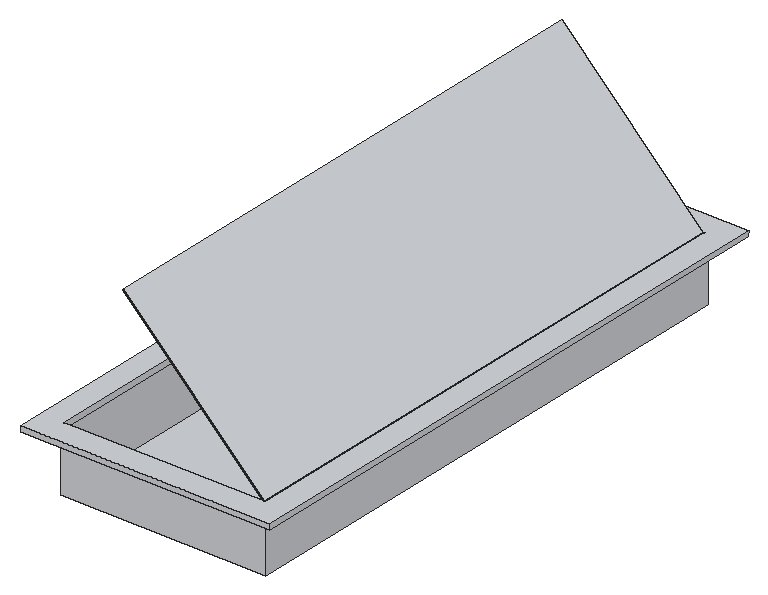
Revit family "Hager-Volta-IP30-Hollow_wall-leer-AT-de", category Electrical Equipment, host Face, Revit 2020
Family settings
  Host = Face
  Panel Configuration = Two Columns, Circuits Across
  Round Connector Dimension = Use Diameter
  Part Type = Panelboard
  Cut with Voids When Loaded = No
  Shared = No
  Room Calculation Point = No
Parameters (values of type "Unterputz IP30 B348 H880.5 T98 12 Teilungseinheiten - VH60WWH")
  Width Control [instance] = if([HG000006 - Unterputz], if([EF000846 - Einbaubreite] > min_whd, [EF000846 - Einbaubreite], min_whd), if([EF000008 - Breite] > min_whd, ([EF000008 - Breite]), min_whd))  # 314 mm
  Void Depth [instance] = if([HG000006 - Unterputz], Depth Control, 1 mm)  # 89 mm
  Type Comments = [HG000003 - Bereich]  # "Volta"
  System Height [instance] = Height Control - 2 * [HG000005 - Dicke]  # 839 mm
  Model = [HG000004 - Herstellerreferenz]  # "VH60WWH"
  HG000017 - Distanz zwischen den Polen = 18 mm
  HG000016 - 3D-Türsichtbarkeit [instance] = yes
  HG000015 - Sichtbarkeit der Türöffnung [instance] = no
  HG000014 - Tür rechts [instance] = yes
  HG000013 - Tür links [instance] = not([HG000014 - Tür rechts])  # no
  HG000012 - Türschwenkwinkel [instance] = 45.00°
  HG000011 - Leere Reihen von unten = no
  HG000010 - Asymmetrische Türen = no
  HG000009 - Doppelflügeligen Tür = no
  HG000008 - Anzahl der leeren Reihen = 0
  HG000007 - Anzahl der leeren Spalten = 0
  HG000006 - Unterputz = yes
  HG000005 - Dicke = 3 mm  # constant formula
  HG000004 - Herstellerreferenz = "VH60WWH"
  HG000003 - Bereich = "Volta"
  HG000002 - Mit tür = yes
  HG000001 - Anzahl der Spalten = 0
  EF015941 - Signaldurchlassende Tür = yes
  EF015777 - Neutralleiterklemmenblock = no
  EF015776 - Erdungsklemmenblock = no
  EF009212 - Ausführung Deckel = "EV009916 - mit Ausschnitt"
  EF006306 - Mit Schloss = no
  EF006244 - Transparenter Deckel/Tür = no
  EF005474 - Schutzart (IP) = "EV006410 - IP30"
  EF004462 - Art der Schließung = "EV000154 - sonstige"
  EF002950 - Breite in Teilungseinheiten = 12
  EF001596 - Werkstoff des Gehäuses = "EV000154 - sonstige"
  EF001134 - DIN-Schiene = yes
  EF001131 - Innentiefe = 92 mm
  EF001088 - Anbaumöglichkeit = yes
  EF001062 - EMV-Ausführung = no
  EF000846 - Einbaubreite = 314 mm
  EF000339 - Art der Abdeckung = "EV004216 - Tür"
  EF000332 - Einbauhöhe = 845 mm
  EF000266 - Anzahl der Reihen = 0
  EF000218 - Einbautiefe = 89 mm
  EF000118 - Mit Montageplatte = yes
  EF000116 - RAL-Nummer = "9010"
  EF000049 - Tiefe = 98 mm
  EF000040 - Höhe = 880 mm
  EF000008 - Breite = 348 mm
  EF000007 - Farbe = "EV000202 - weiß"
  EF000003 - Montageart = "EV000128 - Hohlwand"
  Arrow Offset [instance] = Depth Control / 8  # 11.125 mm
  Arrow Height [instance] = Depth Control - Arrow Offset  # 77.875 mm
  Host Offset [instance] = if([HG000006 - Unterputz], 0 mm, [EF000049 - Tiefe])  # 0 mm
  min_whd [instance] = (2 * [HG000005 - Dicke]) + 1 mm  # 7 mm
  Manufacturer = "Hager"  # constant formula
  Height Control [instance] = if([HG000006 - Unterputz], if([EF000332 - Einbauhöhe] > min_whd, [EF000332 - Einbauhöhe], min_whd), if([EF000040 - Höhe] > min_whd, ([EF000040 - Höhe]), min_whd))  # 845 mm
  Flush Mounted - Door Frame Width [instance] = if(([EF000040 - Höhe] - [EF000332 - Einbauhöhe]) > 0 mm, if([HG000006 - Unterputz], [EF000040 - Höhe] - [EF000332 - Einbauhöhe], 0 mm), 0 mm)  # 35 mm
  Depth Control [instance] = if([HG000006 - Unterputz], if([EF000218 - Einbautiefe] > 0 mm, [EF000218 - Einbautiefe], 1 mm), if([EF000049 - Tiefe] > 0 mm, ([EF000049 - Tiefe]), 1 mm))  # 89 mm
  Default Elevation = 0 mm
Types (15, lengths in mm): name | Void Depth | System Height | Model | HG000004 - Herstellerreferenz | HG000002 - Mit tür | EF015941 - Signaldurchlassende Tür | EF009212 - Ausführung Deckel | EF005474 - Schutzart (IP) | EF004462 - Art der Schließung | EF001596 - Werkstoff des Gehäuses | EF001134 - DIN-Schiene | EF001062 - EMV-Ausführung | EF000339 - Art der Abdeckung | EF000332 - Einbauhöhe | EF000266 - Anzahl der Reihen | EF000218 - Einbautiefe | EF000118 - Mit Montageplatte | EF000049 - Tiefe | EF000040 - Höhe | EF000008 - Breite | Arrow Offset | Arrow Height | Height Control | Flush Mounted - Door Frame Width | Depth Control
  Unterputz  B330 H355 T94.5 12 Teilungseinheiten - VH12NK | 90 | 340 | "VH12NK" | "VH12NK" | no | no | "EV000116 - geschlossen" | "" | "" | "EV000139 - Kunststoff" | no | yes | "" | 346 | 1 | 90 | no | 94 | 355 | 330 | 11.25 | 78.75 | 346 | 9 | 90
  Unterputz  B330 H484 T94.5 12 Teilungseinheiten - VH24NK | 90 | 465 | "VH24NK" | "VH24NK" | no | no | "EV000116 - geschlossen" | "" | "" | "EV000139 - Kunststoff" | no | yes | "" | 471 | 2 | 90 | no | 94 | 484 | 330 | 11.25 | 78.75 | 471 | 13 | 90
  Unterputz  B330 H609 T94.5 12 Teilungseinheiten - VH36NK | 90 | 590 | "VH36NK" | "VH36NK" | no | no | "EV000116 - geschlossen" | "" | "" | "EV000139 - Kunststoff" | no | yes | "" | 596 | 3 | 90 | no | 94 | 609 | 330 | 11.25 | 78.75 | 596 | 13 | 90
  Unterputz  B330 H734 T94.5 12 Teilungseinheiten - VH48NK | 90 | 715 | "VH48NK" | "VH48NK" | no | no | "EV000116 - geschlossen" | "" | "" | "EV000139 - Kunststoff" | no | yes | "" | 721 | 4 | 90 | no | 94 | 734 | 330 | 11.25 | 78.75 | 721 | 13 | 90
  Unterputz  B330 H880 T94.5 12 Teilungseinheiten - VH60NK | 90 | 840 | "VH60NK" | "VH60NK" | no | no | "EV000116 - geschlossen" | "" | "" | "EV000139 - Kunststoff" | no | yes | "" | 846 | 5 | 90 | no | 94 | 880 | 330 | 11.25 | 78.75 | 846 | 34 | 90
  Unterputz IP30 B348 H505.5 T98 12 Teilungseinheiten - VH24NWB | 89 | 464 | "VH24NWB" | "VH24NWB" | yes | no | "EV009916 - mit Ausschnitt" | "EV006410 - IP30" | "EV000154 - sonstige" | "EV000154 - sonstige" | yes | no | "EV004216 - Tür" | 470 | 0 | 89 | yes | 98 | 506 | 348 | 11.125 | 77.875 | 470 | 36 | 89
  Unterputz IP30 B348 H630.5 T98 12 Teilungseinheiten - VH36NW | 89 | 589 | "VH36NW" | "VH36NW" | yes | no | "EV009916 - mit Ausschnitt" | "EV006410 - IP30" | "EV000154 - sonstige" | "EV000154 - sonstige" | yes | no | "EV004216 - Tür" | 595 | 0 | 89 | yes | 98 | 630 | 348 | 11.125 | 77.875 | 595 | 35 | 89
  Unterputz IP30 B348 H630.5 T98 12 Teilungseinheiten - VH36NWB | 89 | 589 | "VH36NWB" | "VH36NWB" | yes | no | "EV009916 - mit Ausschnitt" | "EV006410 - IP30" | "EV000154 - sonstige" | "EV000154 - sonstige" | yes | no | "EV004216 - Tür" | 595 | 0 | 89 | yes | 98 | 630 | 348 | 11.125 | 77.875 | 595 | 35 | 89
  Unterputz IP30 B348 H630.5 T98 12 Teilungseinheiten - VH36WWH | 89 | 589 | "VH36WWH" | "VH36WWH" | yes | yes | "EV009916 - mit Ausschnitt" | "EV006410 - IP30" | "EV000154 - sonstige" | "EV000154 - sonstige" | yes | no | "EV004216 - Tür" | 595 | 0 | 89 | yes | 98 | 630 | 348 | 11.125 | 77.875 | 595 | 35 | 89
  Unterputz IP30 B348 H755.5 T98 12 Teilungseinheiten - VH48NW | 89 | 714 | "VH48NW" | "VH48NW" | yes | no | "EV009916 - mit Ausschnitt" | "EV006410 - IP30" | "EV000154 - sonstige" | "EV000154 - sonstige" | yes | no | "EV004216 - Tür" | 720 | 0 | 89 | yes | 98 | 756 | 348 | 11.125 | 77.875 | 720 | 36 | 89
  Unterputz IP30 B348 H755.5 T98 12 Teilungseinheiten - VH48NWB | 89 | 714 | "VH48NWB" | "VH48NWB" | yes | no | "EV009916 - mit Ausschnitt" | "EV006410 - IP30" | "EV000154 - sonstige" | "EV000154 - sonstige" | yes | no | "EV004216 - Tür" | 720 | 0 | 89 | yes | 98 | 756 | 348 | 11.125 | 77.875 | 720 | 36 | 89
  Unterputz IP30 B348 H755.5 T98 12 Teilungseinheiten - VH48WWH | 89 | 714 | "VH48WWH" | "VH48WWH" | yes | yes | "EV009916 - mit Ausschnitt" | "EV006410 - IP30" | "EV000154 - sonstige" | "EV000154 - sonstige" | yes | no | "EV004216 - Tür" | 720 | 0 | 89 | yes | 98 | 756 | 348 | 11.125 | 77.875 | 720 | 36 | 89
  Unterputz IP30 B348 H880.5 T98 12 Teilungseinheiten - VH60NW | 89 | 839 | "VH60NW" | "VH60NW" | yes | no | "EV009916 - mit Ausschnitt" | "EV006410 - IP30" | "EV000154 - sonstige" | "EV000154 - sonstige" | yes | no | "EV004216 - Tür" | 845 | 0 | 89 | yes | 98 | 880 | 348 | 11.125 | 77.875 | 845 | 35 | 89
  Unterputz IP30 B348 H880.5 T98 12 Teilungseinheiten - VH60NWB | 89 | 839 | "VH60NWB" | "VH60NWB" | yes | no | "EV009916 - mit Ausschnitt" | "EV006410 - IP30" | "EV000154 - sonstige" | "EV000154 - sonstige" | yes | no | "EV004216 - Tür" | 845 | 0 | 89 | yes | 98 | 880 | 348 | 11.125 | 77.875 | 845 | 35 | 89
  Unterputz IP30 B348 H880.5 T98 12 Teilungseinheiten - VH60WWH | 89 | 839 | "VH60WWH" | "VH60WWH" | yes | yes | "EV009916 - mit Ausschnitt" | "EV006410 - IP30" | "EV000154 - sonstige" | "EV000154 - sonstige" | yes | no | "EV004216 - Tür" | 845 | 0 | 89 | yes | 98 | 880 | 348 | 11.125 | 77.875 | 845 | 35 | 89
Reference planes
  plane 1 "Center (Front/Back)": y = 0
  plane 2: z = 0
  plane 3 "Center (Left/Right)": x = 0
  plane 4: z = 0
  plane 5: y = 38
  plane 6: z = -5
  plane 7: y = 457.5
  plane 8: y = 35
  plane 9: y = 880
  plane 10: z = -89
  plane 11: x = -157
  plane 12: x = 157
  plane 13: x = 154
  plane 14: x = -154
  plane 15: y = 877
  plane 16: z = -86
  plane 17: z = -3
  plane 18: z = -89
  plane 19: z = -3
Forms (mm)
  Extrusion 1, solid
    sketch origin (-583.045, 35, 1219.2) x (-1, 0, 0) y (0, 0, 1)
      loop
        line (-426.045, -1219.2) -> (-740.045, -1219.2) -> (-740.045, -1308.2) -> (-426.045, -1308.2) -> (-426.045, -1219.2)
    from 0 to 845 <- "Height Control"
  Extrusion 2, void
    sketch origin (-381.607, -4572, 0) x (0, -1, 0) y (-1, 0, 0)
      loop
        line (-5449, -227.607) -> (-5449, -535.607) -> (-4610, -535.607) -> (-4610, -227.607) -> (-5449, -227.607)
    from 0 to 86
  Extrusion 3, void
    sketch origin (0, 0, 0) x (1, 0, 0) y (0, 1, 0)
      loop
        line (-157, 35) -> (157, 35) -> (157, 880) -> (-157, 880) -> (-157, 35)
    from -89 to 1
  Extrusion 4, solid, detail levels coarse+medium
    sketch origin (-381.607, -4572, 0) x (-1, 0, 0) y (0, -1, 0)
      loop
        line (-227.607, -5449) -> (-227.607, -4610) -> (-535.607, -4610) -> (-535.607, -5449) -> (-227.607, -5449)
    from 0 to -3
Cuts and joins
  Extrusion 2 cuts Extrusion 1
Dimensions and locks
  plane 4 to plane 6 = 5 mm
  "Host Offset": plane 4 to host face
  "Flush Mounted - Door Frame Width": plane 1 "Center (Front/Back)" to plane 8
  "HG000005 - Dicke": plane 5 to plane 8
  locked: connector elem to plane 3 "Center (Left/Right)"
  "Height Control": plane 9 to plane 8
  equal spacing: plane 9, plane 7, plane 8
  locked: connector elem to plane 7
  "Depth Control": plane 4 to plane 10
  "HG000005 - Dicke": plane 11 to plane 14
  "HG000005 - Dicke": plane 12 to plane 13
  equal spacing: plane 11, plane 3 "Center (Left/Right)", plane 12
  "Width Control": plane 11 to plane 12
  "Arrow Offset": nested 4 to plane 10
  "HG000005 - Dicke": plane 9 to plane 15
  "HG000005 - Dicke": plane 16 to plane 10
  "HG000005 - Dicke": plane 4 to plane 17
  "Void Depth": plane 2 to plane 18
  "HG000005 - Dicke": plane 4 to plane 19
  aligned and locked: plane 2 to host face
  aligned and locked: level to host face
  aligned and locked: plane 3 "Center (Left/Right)" to nested 2
  aligned and locked: plane 4 to nested 2
  aligned and locked: nested 2 to plane 8
  aligned and locked: nested 1 to plane 6
  aligned and locked: plane 5 to nested 1
  aligned and locked: nested 4 to plane 11
  aligned and locked: nested 3 to plane 4
  aligned and locked: Extrusion 1 sketch curve to plane 12
  aligned and locked: Extrusion 1 sketch curve to plane 11
  aligned and locked: nested 3 to plane 10
  aligned and locked: plane 10 to Extrusion 1 sketch curve
  aligned and locked: plane 5 to Extrusion 2 sketch curve
  aligned and locked: Extrusion 2 sketch curve to plane 15
  aligned and locked: Extrusion 2 sketch curve to plane 14
  aligned and locked: Extrusion 2 sketch curve to plane 13
  aligned and locked: plane 11 to Extrusion 3 sketch curve
  aligned and locked: plane 9 to Extrusion 3 sketch curve
  aligned and locked: Extrusion 3 sketch curve to plane 8
  aligned and locked: plane 12 to Extrusion 3 sketch curve
  aligned and locked: nested 3 to plane 12
  aligned and locked: Extrusion 3 to plane 18
  aligned and locked: Extrusion 2 to plane 16
  aligned and locked: Extrusion 1 sketch curve to plane 4
  aligned and locked: Extrusion 4 to plane 17
  aligned and locked: Extrusion 4 sketch curve to plane 15
  aligned and locked: Extrusion 4 sketch curve to plane 13
  aligned and locked: Extrusion 4 sketch curve to plane 14
  aligned and locked: plane 5 to Extrusion 4 sketch curve
Automatic sketch dimensions
  host sketch curve to host sketch curve = 1469.727 mm
  host sketch curve to host sketch curve = 1434.803 mm
Nested families
  nested 1: "Hager_Enclosure_System" at (0, 38, -5) x (1, 0, 0) z (0, 1, 0), Depth <- "HG000005 - Dicke", Height <- "System Height", Width <- "EF000008 - Breite", Border <- "HG000005 - Dicke", Flush_Mounted <- "HG000006 - Unterputz", Built-in_Width <- "EF000846 - Einbaubreite", Row_Module_Multiplicator <- "EF002950 - Breite in Teilungseinheiten", Total_No_Empty_Rows <- "HG000008 - Anzahl der leeren Reihen", Total_No_Rows <- "EF000266 - Anzahl der Reihen", Empty_Columns <- "HG000007 - Anzahl der leeren Spalten", Width_Control <- "Width Control", Empty_Rows_From_Bottom <- "HG000011 - Leere Reihen von unten", Distance_Between_Poles <- "HG000017 - Distanz zwischen den Polen", Rows_Count <- "EF000266 - Anzahl der Reihen", Columns_Count <- "HG000001 - Anzahl der Spalten", type "Hager_Enclosure_System", detail levels fine
    with Width_Control 314 mm, Width 348 mm, Total_No_Rows 0, Total_No_Empty_Rows 0, Total_No_Columns 1, System_Width 308 mm, Rows_Count 0, Rows_Column 0, Row_Module_Multiplicator 12, Panel_4 no, Panel_3 no, Panel_2 no, Panel_1 no, No_Panels_Ctrl 1, Hide_Columns yes, Height 839 mm, Flush_Mounted yes, Empty_Rows_From_Bottom no, Empty_Rows_Column 0, Empty_Columns 0, Distance_Between_Poles 18 mm, Depth 3 mm, Columns_Count 0, Column_Width 308 mm, Built-in_Width 314 mm, Border 3 mm
  nested 2: "Hager_Enclosure_Door" at (0, 35, 0) x (1, 0, 0) z (0, 1, 0), Border <- "HG000005 - Dicke", Door_Right <- "HG000014 - Tür rechts", Flush_Mounted <- "HG000006 - Unterputz", Depth <- "EF000049 - Tiefe", Width <- "EF000008 - Breite", Door_Left <- "HG000013 - Tür links", 3d_Door <- "HG000016 - 3D-Türsichtbarkeit", BuiltIn_Width <- "EF000846 - Einbaubreite", BuiltIn_Height <- "EF000332 - Einbauhöhe", BuiltIn_Depth <- "EF000218 - Einbautiefe", Angle <- "HG000012 - Türschwenkwinkel", Assymetrical <- "HG000010 - Asymmetrische Türen", Double <- "HG000009 - Doppelflügeligen Tür", Clearance <- "HG000015 - Sichtbarkeit der Türöffnung", Transparent <- "EF006244 - Transparenter Deckel/Tür", Door <- "HG000002 - Mit tür", Height_Ctrl <- "Height Control", Width_Ctrl <- "Width Control", Height <- "EF000040 - Höhe", type "Hager_Enclosure_Door", detail levels medium+fine
    with min_wh 7 mm, Width_Ctrl 314 mm, Width 348 mm, Transparent_Door_No_Bottom_Border no, Transparent no, Leaf_Width 305 mm, Leaf_Tolerance 1.5 mm, Leaf_Height 836 mm, Leaf_2_Width 305 mm, Leaf_2_Offset 152.5 mm, Leaf_1_Width 305 mm, Leaf_1_Offset 152.5 mm, Height_Ctrl 845 mm, Height 880 mm, Frame_Width_Ctrl 34 mm, Frame_Width 34 mm, Frame_Internal_Offset 3 mm, Frame_Height_Ctrl 35 mm, Frame_Height 35 mm, Frame_Depth_Ctrl 9 mm, Frame_Depth 9 mm, Flush_Mounted yes, Double_Clearance_Ctrl no, Double no, Door_Right_Ctrl yes, Door_Right yes, Door_Left_Ctrl no, Door_Left no, Door yes, Depth 98 mm, Clearance_Depth 305 mm, Clearance_Ctrl no, Clearance no, BuiltIn_Width 314 mm, BuiltIn_Height 845 mm, BuiltIn_Depth 89 mm, Border 3 mm, Assymetrical no, Angle 45.00°, 3d_Door yes
  nested 3: "Hager_Enclosure_Symbol_Triangle" at (-157, 0, -89) x (1, 0, 0) z (0, -1, 0), Depth <- "Depth Control", Width <- "Width Control", type "Hager_Enclosure_Symbol_Triangle"
    with Width_Ctrl 314 mm, Width 314 mm, Depth_Ctrl 89 mm, Depth 89 mm
  nested 4: "Hager_Enclosure_Symbol_Arrow" at (-157, 0, -77.875) x (1, 0, 0) z (0, -1, 0), Height <- "Arrow Height", type "Hager_Enclosure_Symbol_Arrow"
    with Width_Inside 5.841 mm, Width 70.087 mm, Height_Ctrl 77.875 mm, Height 77.875 mm
Connectors
  electrical at (0, 457.5, -89)
    settings: on plane 10, index 1, voltage 0 V, apparent load 0 VA, apparent load phase1 0 VA, apparent load phase2 0 VA, apparent load phase3 0 VA, power factor 1, load classification "Other", number of poles 1, system type 30, power factor state 1, is connector primary yes, connector utility no, sub classification motor no, connector description ""
Definition of nested family "Hager_Enclosure_Door"
  Parameters (values of type "Hager_Enclosure_Door")
    min_wh [instance] = (2 * Border) + 1 mm  # 11 mm
    Width_Ctrl [instance] = 400 mm
    Width [instance] = 500 mm
    Transparent_Door_No_Bottom_Border [instance] = no
    Transparent [instance] = yes
    Leaf_Width [instance] = if((Width_Ctrl - 2 * Border - 2 * Leaf_Tolerance) > 0 mm, (Width_Ctrl - 2 * Border - 2 * Leaf_Tolerance), min_wh)  # 387 mm
    Leaf_Tolerance [instance] = 1.5 mm  # constant formula
    Leaf_Height [instance] = if((Height_Ctrl - 2 * Border - 2 * Leaf_Tolerance) > 0 mm, (Height_Ctrl - 2 * Border - 2 * Leaf_Tolerance), min_wh)  # 387 mm
    Leaf_2_Width [instance] = if(and(and(Double, Assymetrical), Door_Left), (Leaf_Width / 3) - (Leaf_Tolerance / 2), if(and(and(Double, Assymetrical), Door_Right), (Leaf_Width / 3) * 2 - (Leaf_Tolerance / 2), if(and(Double, not(Assymetrical)), (Leaf_Width / 2) - Leaf_Tolerance, Leaf_Width)))  # 387 mm
    Leaf_2_Offset [instance] = if(and(Double, Assymetrical), Leaf_2_Width / 2, if(and(Double, not(Assymetrical)), Leaf_Width / 4, Leaf_Width / 2))  # 193.5 mm
    Leaf_1_Width [instance] = if(and(and(Double, Assymetrical), Door_Right), (Leaf_Width / 3) - (Leaf_Tolerance / 2), if(and(and(Double, Assymetrical), Door_Left), (Width / 3) * 2 - (Leaf_Tolerance / 2), if(and(Double, not(Assymetrical)), (Leaf_Width / 2) - Leaf_Tolerance, Leaf_Width)))  # 387 mm
    Leaf_1_Offset [instance] = if(and(Double, Assymetrical), Leaf_1_Width / 2, if(and(Double, not(Assymetrical)), Leaf_Width / 4, Leaf_Width / 2))  # 193.5 mm
    Height_Ctrl [instance] = 400 mm
    Height [instance] = 500 mm
    Frame_Width_Ctrl [instance] = if(Frame_Width > 0 mm, Frame_Width, 1 mm)  # 1 mm
    Frame_Width [instance] = Width - BuiltIn_Width  # 0 mm
    Frame_Internal_Offset [instance] = if(Flush_Mounted, Border, 0 mm)  # 5 mm
    Frame_Height_Ctrl [instance] = if(Frame_Height > 0 mm, Frame_Height, 1 mm)  # 1 mm
    Frame_Height [instance] = Height - BuiltIn_Height  # 0 mm
    Frame_Depth_Ctrl [instance] = if(Frame_Depth > 0 mm, Frame_Depth, 1 mm)  # 1 mm
    Frame_Depth [instance] = if(Depth - BuiltIn_Depth > 0 mm, if(Flush_Mounted, Depth - BuiltIn_Depth, 0 mm), 0 mm)  # 0 mm
    Flush_Mounted [instance] = yes
    Double_Clearance_Ctrl [instance] = and(Double, Clearance)  # no
    Double [instance] = no
    Door_Right_Ctrl [instance] = and(or(Door_Right, Double), Door)  # yes
    Door_Right [instance] = yes
    Door_Left_Ctrl [instance] = and(or(Door_Left, Double), Door)  # no
    Door_Left [instance] = no
    Door [instance] = yes
    Depth [instance] = 500 mm
    Default Elevation = 1219.2 mm
    Clearance_Material = none
    Clearance_Depth [instance] = if(Leaf_1_Width > Leaf_2_Width, Leaf_1_Width, Leaf_2_Width)  # 387 mm
    Clearance_Ctrl [instance] = and(not(Double), Clearance)  # yes
    Clearance [instance] = yes
    BuiltIn_Width [instance] = 500 mm
    BuiltIn_Height [instance] = 500 mm
    BuiltIn_Depth [instance] = 500 mm
    Border [instance] = 5 mm
    Assymetrical [instance] = yes
    Angle [instance] = 30.00°
    3d_Door [instance] = yes
  Reference planes
    plane 1 "Center (Front/Back)": y = 0
    plane 2 "Bottom": z = 0
    plane 3 "Center (Left/Right)": x = 0
    plane 4: z = 400
    plane 5: x = -200
    plane 6: x = 200
    plane 7: z = 395
    plane 8: x = -195
    plane 9: z = 5
    plane 10: x = 195
    plane 11: y = 0
    plane 12: z = 6.5
    plane 13: x = -582
    plane 14: y = -387
    plane 15: x = 582
    plane 16: x = 0
    plane 17: x = 0
    plane 18: x = -193.5
    plane 19: x = 193.5
    plane 20: z = 393.5
  Forms (mm)
    Extrusion 1, solid, visible <- "Flush_Mounted"
      sketch origin (0, 0, 0) x (1, 0, 0) y (0, 0, 1)
        loop
          line (195, 5) -> (195, 395) -> (-195, 395) -> (-195, 5) -> (195, 5)
        loop
          line (-201, 401) -> (-201, -1) -> (201, -1) -> (201, 401) -> (-201, 401)
      from 0 to 1 <- "Frame_Depth_Ctrl"
    Extrusion 2, solid, material <- "Clearance_Material", visible <- "Double_Clearance_Ctrl"
      sketch origin (1200, 0, 0) x (1, 0, 0) y (0, 0, -1)
        loop
          line (-1782, -393.5) -> (-618, -393.5) -> (-618, 0) -> (-1782, 0) -> (-1782, -393.5)
      from 0 to -387
  Dimensions and locks
    equal spacing: plane 5, plane 3 "Center (Left/Right)", plane 6
    "Width_Ctrl": plane 5 to plane 6
    "Border": plane 5 to plane 8
    "Border": plane 6 to plane 10
    "Border": plane 9 to level
    "Border": plane 4 to plane 7
    "Height_Ctrl": plane 4 to level
    "Leaf_Tolerance": plane 12 to plane 9
    "Frame_Depth": plane 11 to plane 1 "Center (Front/Back)"
    "Frame_Width_Ctrl": plane 5 to Extrusion 1 sketch curve
    "Frame_Width_Ctrl": plane 6 to Extrusion 1 sketch curve
    "Frame_Width_Ctrl": Extrusion 1 sketch curve to plane 4
    "Frame_Width_Ctrl": plane 2 "Bottom" to Extrusion 1 sketch curve
    "Leaf_1_Offset": plane 18 to plane 16
    "Leaf_2_Offset": plane 17 to plane 19
    "Leaf_1_Width": plane 13 to plane 8
    "Leaf_2_Width": plane 10 to plane 15
    "Clearance_Depth": plane 14 to plane 1 "Center (Front/Back)"
    "Leaf_Tolerance": plane 8 to plane 18
    "Leaf_Tolerance": plane 19 to plane 10
    "Leaf_Tolerance": plane 7 to plane 20
    "Frame_Internal_Offset": plane 5 to Extrusion 1 sketch curve
    "Frame_Internal_Offset": Extrusion 1 sketch curve to plane 2 "Bottom"
    "Frame_Internal_Offset": plane 6 to Extrusion 1 sketch curve
    "Frame_Internal_Offset": plane 4 to Extrusion 1 sketch curve
    aligned and locked: level to plane 2 "Bottom"
    aligned and locked: nested 1 to plane 16
    aligned and locked: nested 2 to plane 17
    aligned and locked: Extrusion 2 to plane 13
    aligned and locked: plane 15 to Extrusion 2
    aligned and locked: Extrusion 2 to plane 14
    aligned and locked: plane 12 to nested 1
    aligned and locked: nested 2 to plane 12
    aligned and locked: Extrusion 2 to plane 11
    aligned and locked: plane 20 to Extrusion 2
    aligned and locked: nested 2 to plane 11
    aligned and locked: nested 1 to plane 11
  Automatic sketch dimensions
    Extrusion 2 sketch curve to level = 0 mm
    plane 5 to Extrusion 2 sketch curve = 382 mm
    plane 6 to Extrusion 2 sketch curve = 382 mm
    Extrusion 2 sketch curve to plane 4 = 6.5 mm
  Nested families
    nested 1: "Hager_Enclosure_Door_Leaf" at (0, 0, 6.5), Width <- "Leaf_1_Width", visible <- "Door_Left_Ctrl", Leaf_Height <- "Leaf_Height", Angle <- "Angle", Depth <- "Border", 3d_Door <- "3d_Door", Transparent <- "Transparent", Clearance Material <- "Clearance_Material", Clearance <- "Clearance_Ctrl", Transparent_Door_No_Bottom_Border <- "Transparent_Door_No_Bottom_Border", type "Hager_Enclosure_Door_Leaf"
      with Width 387 mm, Transparent_Door_No_Bottom_Border no, Transparent_Door_Border_Bottom_Top 25 mm, Transparent_Door_Border 25 mm, Transparent_Ctrl yes, Transparent yes, Standard no, Leaf_Height 387 mm, Glass_Offset 1 mm, Depth 5 mm, Clearance Material none, Clearance yes, Angle_Ctrl 30.00°, Angle 30.00°, 3d_Door yes
    nested 2: "Hager_Enclosure_Door_Leaf" at (0, 0, 6.5) x (-1, 0, 0) z (0, 0, 1), Width <- "Leaf_2_Width", visible <- "Door_Right_Ctrl", Leaf_Height <- "Leaf_Height", Angle <- "Angle", Depth <- "Border", 3d_Door <- "3d_Door", Transparent <- "Transparent", Clearance Material <- "Clearance_Material", Clearance <- "Clearance_Ctrl", Transparent_Door_No_Bottom_Border <- "Transparent_Door_No_Bottom_Border", type "Hager_Enclosure_Door_Leaf"
      with Width 387 mm, Transparent_Door_No_Bottom_Border no, Transparent_Door_Border_Bottom_Top 25 mm, Transparent_Door_Border 25 mm, Transparent_Ctrl yes, Transparent yes, Standard no, Leaf_Height 387 mm, Glass_Offset 1 mm, Depth 5 mm, Clearance Material none, Clearance yes, Angle_Ctrl 30.00°, Angle 30.00°, 3d_Door yes
  Definition of nested family "Hager_Enclosure_Door_Leaf"
    Parameters (values of type "Hager_Enclosure_Door_Leaf")
      Width [instance] = 2000 mm
      Transparent_Door_No_Bottom_Border [instance] = yes
      Transparent_Door_Border_Bottom_Top [instance] = if(Transparent_Door_No_Bottom_Border, 0.1 mm, Transparent_Door_Border)  # 0.1 mm
      Transparent_Door_Border [instance] = if(Transparent_Door_No_Bottom_Border, (Width * 0.12), 25 mm)  # 240 mm
      Transparent_Ctrl [instance] = and(Transparent, [3d_Door])  # yes
      Transparent [instance] = yes
      Standard [instance] = and(not(Transparent), [3d_Door])  # no
      Leaf_Height [instance] = 2720.336 mm
      Glass_Offset [instance] = if((Depth - 10 mm) / 2 > 0 mm, (Depth - 10 mm) / 2, 1 mm)  # 15 mm
      Glass_Material = none
      Depth [instance] = 40 mm
      Default Elevation = 0 mm
      Clearance Material [instance] = none
      Clearance [instance] = yes
      Angle_Ctrl [instance] = if(Angle > 170.00°, 170.00°, Angle)  # 45.00°
      Angle [instance] = 45.00°
      3d_Door [instance] = yes
    Reference planes
      plane 1 "Center (Front/Back)": y = 0
      plane 2: z = 0
      plane 3 "Center (Left/Right)": x = 0
      plane 4: y = 2000
      plane 5: x = -1000
      plane 6: x = 1000
      plane 7: x = -3000
      plane 8: z = 2720.336
      plane 9: z = 0.1
      plane 10: z = 2720.236
      plane 11: x = 760
      plane 12: x = -760
    Forms (mm)
      Extrusion 1, solid, material <- "Clearance Material", visible <- "Clearance"
        sketch origin (0, 0, 0) x (1, 0, 0) y (0, 0, 1)
          loop
            line (-3000, 2720.336) -> (-3000, 0) -> (1000, 0) -> (1000, 2720.336) -> (-3000, 2720.336)
        from 0 to -2000
      Extrusion 2, solid, visible <- "Standard", detail levels medium+fine
        sketch origin (-1000, 0, 0) x (0.707107, 0.707107, 0) y (-0.707107, 0.707107, 0)
          loop
            line (0, -40) -> (2000, -40) -> (2000, 0) -> (0, 0) -> (0, -40)
        from 0 to 2720.336 <- "Leaf_Height"
      Extrusion 3, solid, visible <- "Transparent_Ctrl", detail levels medium+fine
        sketch origin (-1000, 0, 0) x (0.707107, 0.707107, 0) y (-0.707107, 0.707107, 0)
          loop
            line (0, -40) -> (2000, -40) -> (2000, 0) -> (0, 0) -> (0, -40)
        from 0 to 2720.336 <- "Leaf_Height"
      Extrusion 4, void, detail levels medium+fine
        sketch origin (-1000, 0, 0) x (-0.707107, 0.707107, 0) y (0.707107, 0.707107, 0)
          loop
            line (0, 240) -> (0, 1760) -> (-40, 1760) -> (-40, 240) -> (0, 240)
        from -2720.236 to -0.1
      Extrusion 5, solid, material <- "Glass_Material", visible <- "Transparent_Ctrl", detail levels medium+fine
        sketch origin (-1000, 0, 0) x (0.707107, 0.707107, 0) y (-0.707107, 0.707107, 0)
          loop
            line (240, -15) -> (240, -25) -> (1760, -25) -> (1760, -15) -> (240, -15)
        from 0.1 to 2720.236
    Cuts and joins
      Extrusion 4 cuts Extrusion 3
    Lines and regions (mm)
      symbolic lines
        curve 1: line (1000, 0, 0) -> (-3000, 0, 0)
        curve 2: arc (1000, 0, 0) -> (-1000, 2000, 0) -> (-3000, 0, 0) r 2000
        curve 4: line (-1000, 0, 0) -> (414.214, 1414.214, 0)
      reference lines
        curve 3: line (-1000, 0, 0) -> (414.214, 1414.214, 0)
      symbolic lines, detail levels medium+fine
        curve 5: line (414.214, 1414.214, 0) -> (442.498, 1385.929, 0)
        curve 6: line (442.498, 1385.929, 0) -> (-971.716, -28.284, 0)
        curve 7: line (-971.716, -28.284, 0) -> (-1000, 0, 0)
        curve 8: line (-1000, 0, 2720.336) -> (1000, 0, 2720.336)
        curve 9: line (-1000, 0, 0) -> (-1000, 0, 2720.336)
        curve 10: line (1000, 0, 0) -> (-1000, 0, 0)
        curve 11: line (1000, 0, 2720.336) -> (1000, 0, 0)
      symbolic lines, visible <- "Transparent_Ctrl", detail levels medium+fine
        curve 12: line (-760, 0, 2720.236) -> (760, 0, 2720.236)
        curve 13: line (-760, 0, 0.1) -> (-760, 0, 2720.236)
        curve 14: line (760, 0, 0.1) -> (-760, 0, 0.1)
        curve 15: line (760, 0, 2720.236) -> (760, 0, 0.1)
    Dimensions and locks
      "Width": plane 1 "Center (Front/Back)" to plane 4
      equal spacing: plane 5, plane 3 "Center (Left/Right)", plane 6
      "Width": plane 5 to plane 6
      "Width": plane 7 to plane 5
      "Leaf_Height": plane 8 to level
      "Depth": curve 6 to curve 3
      "Width": curve 5 to curve 3
      "Width": curve 3 to curve 3
      "Transparent_Door_Border": Extrusion 4 sketch curve to curve 7
      "Transparent_Door_Border": Extrusion 4 sketch curve to curve 5
      "Transparent_Door_Border_Bottom_Top": plane 8 to plane 10
      "Transparent_Door_Border_Bottom_Top": plane 9 to level
      "Glass_Offset": Extrusion 5 sketch curve to curve 4
      "Glass_Offset": Extrusion 5 sketch curve to curve 6
      "Transparent_Door_Border": Extrusion 5 sketch curve to curve 5
      "Transparent_Door_Border": Extrusion 5 sketch curve to curve 7
      "Transparent_Door_Border": plane 12 to plane 5
      "Transparent_Door_Border": plane 6 to plane 11
      "Angle_Ctrl": angle plane 1 "Center (Front/Back)" to curve 3
      aligned and locked: level to plane 2
      aligned and locked: Extrusion 1 to curve 1
      aligned and locked: plane 6 to Extrusion 1
      aligned and locked: Extrusion 1 to plane 1 "Center (Front/Back)"
      aligned and locked: plane 4 to Extrusion 1
      aligned and locked: plane 8 to Extrusion 1
      aligned and locked: curve 4 to curve 3
      aligned and locked: Extrusion 2 sketch curve to curve 7
      aligned and locked: Extrusion 2 sketch curve to curve 6
      aligned and locked: Extrusion 2 sketch curve to curve 5
      aligned and locked: Extrusion 2 sketch curve to curve 3
      aligned and locked: curve 7 to Extrusion 3 sketch curve
      aligned and locked: Extrusion 3 sketch curve to curve 4
      aligned and locked: Extrusion 3 sketch curve to curve 6
      aligned and locked: Extrusion 3 sketch curve to curve 5
      aligned and locked: curve 4 to Extrusion 4 sketch curve
      aligned and locked: curve 6 to Extrusion 4 sketch curve
      aligned and locked: Extrusion 4 to plane 9
      aligned and locked: Extrusion 4 to plane 10
      aligned and locked: Extrusion 5 to plane 9
      aligned and locked: Extrusion 5 to plane 10
      aligned and locked: curve 8 to plane 8
      aligned and locked: plane 5 to curve 9
      aligned and locked: plane 2 to curve 10
      aligned and locked: curve 11 to plane 6
      aligned and locked: plane 10 to curve 12
      aligned and locked: plane 12 to curve 13
      aligned and locked: curve 14 to plane 9
      aligned and locked: plane 11 to curve 15
    Automatic sketch dimensions
      plane 1 "Center (Front/Back)" to curve 2 = 0 mm
      curve 2 to plane 5 = 0 mm
      Extrusion 1 sketch curve to level = 0 mm
      Extrusion 1 sketch curve to plane 7 = 0 mm
      Extrusion 1 sketch curve to plane 6 = 0 mm
      Extrusion 1 sketch curve to plane 8 = 0 mm
      plane 1 "Center (Front/Back)" to curve 3 = 0 mm
      curve 3 to plane 5 = 0 mm
      curve 7 to curve 3 = 0 mm
Definition of nested family "Hager_Enclosure_Symbol_Triangle"
  Parameters (values of type "Hager_Enclosure_Symbol_Triangle")
    Width_Ctrl [instance] = if(Width > 1 mm, Width, 1 mm)  # 498 mm
    Width [instance] = 498 mm
    Depth_Ctrl [instance] = if(Depth > 1 mm, Depth, 1 mm)  # 72 mm
    Depth [instance] = 72 mm
  Reference planes
    plane 1 "Centre (avant/arrière)": y = 0
    plane 2: z = 0
    plane 3 "Centre (gauche/droite)": x = 0
  Lines and regions (mm)
    Filled region 1, type "Solid_Black", in view "Niveau de réf."
      outline origin (0, 0, 0) x (1, 0, 0) y (0, 1, 0)
        loop
          line (0, 0) -> (498, 0) -> (498, 72) -> (0, 0)
    reference lines, in view "Niveau de réf."
      curve 1: line (-206.153, 72, 0) -> (1083.258, 72, 0)
      curve 2: line (498, 405.456, 0) -> (498, -517.619, 0)
  Dimensions and locks
    "Depth_Ctrl": plane 1 "Centre (avant/arrière)" to curve 1
    "Width_Ctrl": plane 3 "Centre (gauche/droite)" to curve 2
    aligned and locked: curve 1 to Filled region 1 sketch curve
    aligned and locked: Filled region 1 sketch curve to plane 1 "Centre (avant/arrière)"
    aligned and locked: curve 2 to Filled region 1 sketch curve
    aligned and locked: plane 3 "Centre (gauche/droite)" to Filled region 1 sketch curve
    aligned and locked: plane 1 "Centre (avant/arrière)" to Filled region 1 sketch curve
  Automatic sketch dimensions
    curve 1 to plane 3 "Centre (gauche/droite)" = 206.153 mm
    curve 2 to curve 1 = 585.258 mm
    plane 1 "Centre (avant/arrière)" to curve 2 = 517.619 mm
    curve 2 to plane 1 "Centre (avant/arrière)" = 405.456 mm
Definition of nested family "Hager_Enclosure_Symbol_Arrow"
  Parameters (values of type "Hager_Enclosure_Symbol_Arrow")
    Width_Inside [instance] = if(Width / 12 > 2 mm, Width / 12, 2 mm)  # 4.987 mm
    Width [instance] = if(Height_Ctrl * 0.9 > 2 mm, Height_Ctrl * 0.9, 2 mm)  # 59.85 mm
    Height_Ctrl [instance] = if(Height > 2 mm, Height, 2 mm)  # 66.5 mm
    Height [instance] = 66.5 mm
  Reference planes
    plane 1 "Centre (avant/arrière)": y = 0
    plane 2: z = 0
    plane 3 "Centre (gauche/droite)": x = 0
    plane 4: x = 59.85
    plane 5: y = 28.263
    plane 6: y = 38.238
    plane 7: y = 66.5
    plane 8: x = 29.925
    plane 9: y = 33.25
  Lines and regions (mm)
    Filled region 1, type "Solid_Black", in view "Niveau de réf."
      outline origin (0, 0, 0) x (1, 0, 0) y (0, 1, 0)
        loop
          line (59.85, 66.5) -> (37.929, 52.827) -> (51.846, 41.935) -> (59.85, 66.5)
    detail lines, in view "Niveau de réf."
      curve 1: line (0, 0, 0) -> (29.925, 38.238, 0)
      curve 2: line (29.925, 38.238, 0) -> (29.925, 28.263, 0)
      curve 3: line (29.925, 28.263, 0) -> (59.85, 66.5, 0)
  Dimensions and locks
    "Width": plane 3 "Centre (gauche/droite)" to plane 4
    "Height_Ctrl": plane 7 to plane 1 "Centre (avant/arrière)"
    equal spacing: plane 3 "Centre (gauche/droite)", plane 8, plane 4
    equal spacing: plane 7, plane 9, plane 1 "Centre (avant/arrière)"
    equal spacing: plane 6, plane 9, plane 5
    "Width_Inside": plane 6 to plane 9
    equal spacing: curve 3, Filled region 1 sketch curve, Filled region 1 sketch curve
    angle Filled region 1 sketch curve to curve 3 = 20.00°
    angle curve 3 to Filled region 1 sketch curve = 20.00°
    locked: curve 3 to Filled region 1 sketch curve (angle 90.00°)
  Automatic sketch dimensions
    plane 1 "Centre (avant/arrière)" to curve 1 = 0 mm
    curve 1 to plane 3 "Centre (gauche/droite)" = 0 mm
    curve 2 to plane 6 = 0 mm
    curve 3 to plane 8 = 0 mm
    curve 3 to plane 4 = 0 mm
    curve 2 to plane 5 = 0 mm
    curve 3 to plane 7 = 0 mm
    Filled region 1 sketch curve to plane 4 = 0 mm
    Filled region 1 sketch curve to plane 7 = 0 mm
